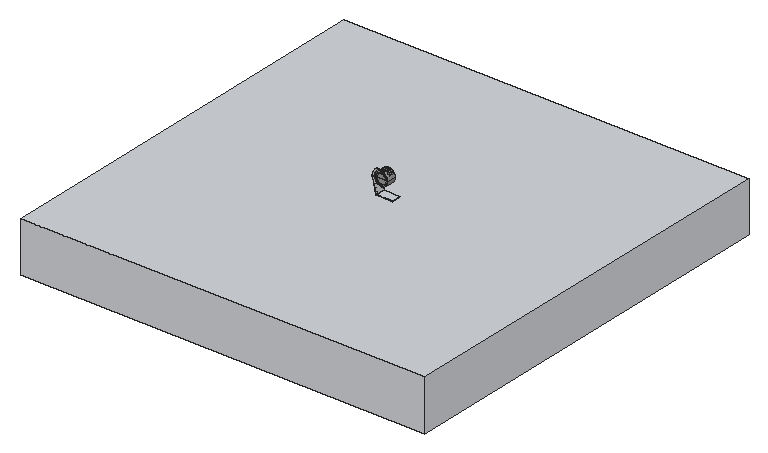
Revit family "LAMP_MICROSHOT", category Modelos genéricos, Revit 2015
Parameters (values of type "369LM 3000 MEDIUM FLOOD")
  Weight = 0.70 kg
  Type = "HI POWER CREE"
  Tilting [instance] = 0.00°
  Protection rating = "IP65 / IK06"
  Product datasheet = "http://www.lamp.es/product-files/TECH/7541073-EN.pdf"
  Product code = "7541073"
  Product URL = "http://www.lamp.es/en/family/shot_33486"
  Power Supply = "700mA DC"
  Power = 6.4 W
  Plum = 8.8 W
  Photometric web file = Cabeza Microshot : 369LM 3000 MEDIUM FLOOD
  Modelo = Product code  # "7541073"
  Model explanation = "Availability of tilting between -30º and 90º when placed in a project."
  Manufacturer name = "LAMP"
  Manufacturer country = "Spain"
  Manufacturer URL = "http://www.lamp.es/en"
  MacAdam = "4"
  Luminaire type = "Outdoor - Spotlight"
  Last update = "26/07/2018"
  Lamp = "HIGH POWER LED"
  LED Lifetime = "50.000 L90 B10"
  Insulation class = "III"
  Installation instructions = "http://www.lamp.es/product-files/INS/1003120-C-INSTR.%20MICRO%20SHOT.pdf"
  Initial intensity = 369 lm
  Initial color = 3000 K
  IEE = "A++"
  Height = 296 mm
  Gear = "Electronic"
  Finish = "Texturised grey"
  Fabricante = Manufacturer name  # "LAMP"
  Default Elevation = 1219.2 mm
  Efficacy = 41.95 lm/W
  Diameter = 94 mm
  Descripción = "MICRO SHOT LED 600 WW MFL GR."
  Comentarios de tipo = Model explanation  # "Availability of tilting between -30º and 90º when placed in a project."
  CRI = "80"
  Angulo inclinacion [instance] = if(Tilting > 90.00°, 0.00°, if(Tilting < -30.00°, 120.00°, -Tilting + 90.00°))  # 90.00°
Types (4, lengths in mm): name | Product datasheet | Product code | Photometric web file | Modelo | Initial intensity | Initial color | Efficacy | Descripción | CRI
  369LM 3000 MEDIUM FLOOD | "http://www.lamp.es/product-files/TECH/7541073-EN.pdf" | "7541073" | Cabeza Microshot : 369LM 3000 MEDIUM FLOOD | "7541073" | 369 lm | 3000 K | 41.95 lm/W | "MICRO SHOT LED 600 WW MFL GR." | "80"
  414LM 3000 SPOT | "http://www.lamp.es/product-files/TECH/7541053-EN.pdf" | "7541053" | Cabeza Microshot : 414LM 3000 SPOT | "7541053" | 414 lm | 3000 K | 47.05 lm/W | "MICRO SHOT LED 600 WW SP GR." | "80"
  421LM 4000 MEDIUM FLOOD | "http://www.lamp.es/product-files/TECH/7541063-EN.pdf" | "7541063" | Cabeza Microshot : 421LM 4000 MEDIUM FLOOD | "7541063" | 421 lm | 4000 K | 47.8 lm/W | "MICRO SHOT LED 600 NW MFL GR." | "75"
  472LM 4000 SPOT | "http://www.lamp.es/product-files/TECH/7541043-EN.pdf" | "7541043" | Cabeza Microshot : 472LM 4000 SPOT | "7541043" | 472 lm | 4000 K | 53.64 lm/W | "MICRO SHOT LED 600 NW SP GR." | "75"
Reference planes
  plane 1 "Centro (Frontal/Posterior)": y = 0
  plane 2: z = 0
  plane 3 "Centro (Izquierda/Derecha)": x = 0
  plane 4: z = 118.097
Forms (mm)
  Extrusion 1, solid
    sketch origin (0, 0, 0) x (1, 0, 0) y (0, 1, 0)
      loop
        line (-1219.2, 1219.2) -> (-1219.2, -1219.2) -> (1219.2, -1219.2) -> (1219.2, 1219.2) -> (-1219.2, 1219.2)
    from 0 to -304.8
  Extrusion 2, solid
    sketch origin (0, 0, 0) x (1, 0, 0) y (0, 0, 1)
      loop
        line (-48.3, 0) -> (48.3, 0) -> (48.3, 3) -> (-48.8, 3)
        arc (-48.8, 3) -> (-49.507, 3.293) -> (-49.8, 4) r 1
        line (-49.8, 4) -> (-49.8, 143.4) -> (-52.8, 143.4) -> (-52.8, 4.5)
        arc (-52.8, 4.5) -> (-51.482, 1.318) -> (-48.3, 0) r 4.5
    from -64.154 to 55.846
  Extrusion 3, void
    sketch origin (0, 6.238, 0) x (0, 1, 0) y (0, 0, 1)
      loop
        line (50, 5) -> (50, 0) -> (57.916, 0) -> (57.916, 5) -> (57.916, 143.4) -> (12.916, 143.4) -> (-38.848, 143.4) -> (-62.084, 143.4) -> (-62.084, 5) -> (-62.084, 0) -> (-1.764, 0) -> (-1.764, 5) -> (-30.338, 111.64)
        arc (-30.338, 111.64) -> (-12.66, 142.259) -> (17.958, 124.581) r 25
        line (17.958, 124.581) -> (50, 5)
    from -52.8 to 48.8
  Extrusion 4, void
    sketch origin (0, 6.238, 0) x (0, 1, 0) y (0, 0, 1)
      loop
        circle (-6.238, 118.097) r 12.3
      loop
        arc (11.176, 115.919) -> (-0.6, 134.717) -> (-21.383, 126.965) r 17.55
        arc (-21.383, 126.965) -> (-20.712, 124.399) -> (-18.147, 125.07) r 1.875
        arc (-18.147, 125.07) -> (-1.583, 131.088) -> (7.389, 115.919) r 13.8
        arc (7.389, 115.919) -> (9.283, 114.026) -> (11.176, 115.919) r 1.894
    from -52.8 to -49.8
  Extrusion 5, solid
    sketch origin (0, 0, 0) x (0, 1, 0) y (0, 0, 1)
      loop
        line (47.921, 8.423) -> (47.921, 22.496)
        arc (47.921, 22.496) -> (47.097, 23.32) -> (46.272, 22.496) r 0.824
        line (46.272, 22.496) -> (46.272, 10.038)
        arc (46.272, 10.038) -> (46.058, 9.52) -> (45.54, 9.305) r 0.733
        line (45.54, 9.305) -> (43.815, 9.305)
        arc (43.815, 9.305) -> (43.369, 9.448) -> (43.088, 9.824) r 0.768
        line (43.088, 9.824) -> (38.839, 22.179)
        arc (38.839, 22.179) -> (37.363, 23.233) -> (35.887, 22.179) r 1.561
        line (35.887, 22.179) -> (31.68, 9.946)
        arc (31.68, 9.946) -> (30.629, 9.321) -> (29.839, 10.254) r 0.946
        line (29.839, 10.254) -> (29.839, 21.715)
        arc (29.839, 21.715) -> (28.643, 23.377) -> (26.687, 22.771) r 1.753
        line (26.687, 22.771) -> (24.056, 20.14) -> (21.426, 22.771)
        arc (21.426, 22.771) -> (19.469, 23.377) -> (18.273, 21.715) r 1.753
        line (18.273, 21.715) -> (18.273, 10.067)
        arc (18.273, 10.067) -> (18.05, 9.528) -> (17.511, 9.305) r 0.762
        line (17.511, 9.305) -> (15.816, 9.305)
        arc (15.816, 9.305) -> (15.274, 9.53) -> (15.049, 10.071) r 0.766
        line (15.049, 10.071) -> (15.049, 22.467)
        arc (15.049, 22.467) -> (14.825, 23.008) -> (14.283, 23.233) r 0.766
        line (14.283, 23.233) -> (7.581, 23.233)
        arc (7.581, 23.233) -> (7.032, 23.005) -> (6.805, 22.457) r 0.776
        line (6.805, 22.457) -> (6.805, 16.552)
        arc (6.805, 16.552) -> (7.022, 16.029) -> (7.544, 15.813) r 0.739
        line (7.544, 15.813) -> (12.383, 15.813)
        arc (12.383, 15.813) -> (13.207, 16.637) -> (12.383, 17.462) r 0.824
        line (12.383, 17.462) -> (9.212, 17.462)
        arc (9.212, 17.462) -> (8.676, 17.684) -> (8.454, 18.219) r 0.758
        line (8.454, 18.219) -> (8.454, 20.821)
        arc (8.454, 20.821) -> (8.677, 21.36) -> (9.216, 21.584) r 0.762
        line (9.216, 21.584) -> (12.66, 21.584)
        arc (12.66, 21.584) -> (13.184, 21.367) -> (13.4, 20.843) r 0.74
        line (13.4, 20.843) -> (13.4, 8.444)
        arc (13.4, 8.444) -> (13.625, 7.902) -> (14.166, 7.678) r 0.766
        line (14.166, 7.678) -> (19.243, 7.678)
        arc (19.243, 7.678) -> (19.744, 7.885) -> (19.951, 8.385) r 0.708
        line (19.951, 8.385) -> (19.951, 21.479) -> (24.056, 17.373) -> (28.162, 21.479) -> (28.162, 8.511)
        arc (28.162, 8.511) -> (28.375, 7.995) -> (28.89, 7.782) r 0.729
        line (28.89, 7.782) -> (32.16, 7.782)
        arc (32.16, 7.782) -> (32.582, 7.917) -> (32.848, 8.273) r 0.727
        line (32.848, 8.273) -> (37.363, 21.396) -> (41.903, 8.2)
        arc (41.903, 8.2) -> (42.186, 7.822) -> (42.636, 7.678) r 0.775
        line (42.636, 7.678) -> (47.176, 7.678)
        arc (47.176, 7.678) -> (47.703, 7.896) -> (47.921, 8.423) r 0.745
    from -53.8 to -52.8
Cuts and joins
  Extrusion 3, Extrusion 4 cuts Extrusion 2
Lines and regions (mm)
  reference lines
    curve 1: line (0, 0, 118.097) -> (0, 100, 118.097)
    curve 2: line (0, 12.3, 118.097) -> (0, -12.3, 118.097)
Text (mm)
  text "Any modification of the parameters and properties of the LAMP BIM models must be executed and validated by the LAMP technical department.\n\nPhone: +34 93 736 68 00\n\nE-mail: lamp@lamp.es\n\n\n\nLAMP reserves the right to modify the technical specifications of its products." at (13118.71, 21931.141, -7023.284), in view "Preview"
Dimensions and locks
  "Angulo inclinacion": angle curve 1 to plane 1 "Centro (Frontal/Posterior)"
  aligned and locked: plane 2 to Extrusion 1
  aligned and locked: level to Extrusion 1
  aligned and locked: plane 1 "Centro (Frontal/Posterior)" to curve 1
  aligned and locked: plane 4 to curve 1
Automatic sketch dimensions
  Extrusion 1 sketch curve to Extrusion 1 sketch curve = 2438.4 mm  (x2)
  Extrusion 2 sketch curve to level = 0 mm
  Extrusion 2 sketch curve to plane 4 = 25.303 mm
  Extrusion 2 sketch curve to plane 3 "Centro (Izquierda/Derecha)" = 52.8 mm
  Extrusion 2 sketch curve to Extrusion 2 sketch curve = 3 mm
  Extrusion 2 sketch curve to Extrusion 2 sketch curve = 1 mm
  Extrusion 2 sketch curve to Extrusion 2 sketch curve = 0.5 mm
  plane 3 "Centro (Izquierda/Derecha)" to Extrusion 2 sketch curve = 48.3 mm
  level to Extrusion 2 sketch curve = 3 mm
  Extrusion 3 sketch curve to level = 0 mm  (x2)
  level to Extrusion 3 sketch curve = 5 mm  (x4)
  plane 1 "Centro (Frontal/Posterior)" to Extrusion 3 sketch curve = 55.846 mm
  Extrusion 3 sketch curve to Extrusion 3 sketch curve = 23.236 mm
  plane 4 to Extrusion 3 sketch curve = 6.458 mm
  plane 1 "Centro (Frontal/Posterior)" to Extrusion 3 sketch curve = 24.1 mm
  Extrusion 3 sketch curve to plane 4 = 0.013 mm
  Extrusion 3 sketch curve to plane 1 "Centro (Frontal/Posterior)" = 0.048 mm
  Extrusion 3 sketch curve to plane 1 "Centro (Frontal/Posterior)" = 4.474 mm
  Extrusion 3 sketch curve to plane 1 "Centro (Frontal/Posterior)" = 19.154 mm
  Extrusion 3 sketch curve to plane 4 = 6.483 mm
  Extrusion 3 sketch curve to Extrusion 3 sketch curve = 51.764 mm
  Extrusion 3 sketch curve to Extrusion 3 sketch curve = 7.916 mm
  Extrusion 3 sketch curve to plane 4 = 25.303 mm
  Extrusion 4 sketch curve to Extrusion 4 sketch curve = 0 mm  (x7)
  Extrusion 4 sketch curve to plane 1 "Centro (Frontal/Posterior)" = 0 mm
  plane 4 to Extrusion 4 sketch curve = 0 mm
  plane 1 "Centro (Frontal/Posterior)" to Extrusion 4 sketch curve = 13.527 mm
  plane 4 to Extrusion 4 sketch curve = 2.178 mm
  Extrusion 4 sketch curve to plane 1 "Centro (Frontal/Posterior)" = 15.521 mm
  Extrusion 4 sketch curve to plane 4 = 7.92 mm
  Extrusion 4 sketch curve to Extrusion 4 sketch curve = 1.618 mm
  Extrusion 5 sketch curve to plane 1 "Centro (Frontal/Posterior)" = 6.805 mm
  Extrusion 5 sketch curve to Extrusion 5 sketch curve = 0.739 mm
  Extrusion 5 sketch curve to Extrusion 5 sketch curve = 0.776 mm
  Extrusion 5 sketch curve to Extrusion 5 sketch curve = 0.91 mm
  Extrusion 5 sketch curve to Extrusion 5 sketch curve = 0.758 mm
  Extrusion 5 sketch curve to Extrusion 5 sketch curve = 0.762 mm  (x2)
  Extrusion 5 sketch curve to Extrusion 5 sketch curve = 3.171 mm
  Extrusion 5 sketch curve to Extrusion 5 sketch curve = 3.444 mm
  Extrusion 5 sketch curve to Extrusion 5 sketch curve = 1.018 mm
  Extrusion 5 sketch curve to Extrusion 5 sketch curve = 0.766 mm  (x3)
  Extrusion 5 sketch curve to Extrusion 5 sketch curve = 1.623 mm
  Extrusion 5 sketch curve to Extrusion 5 sketch curve = 1.696 mm
  Extrusion 5 sketch curve to Extrusion 5 sketch curve = 1.732 mm
  Extrusion 5 sketch curve to Extrusion 5 sketch curve = 1.677 mm  (x2)
  Extrusion 5 sketch curve to Extrusion 5 sketch curve = 0.076 mm  (x2)
  Extrusion 5 sketch curve to Extrusion 5 sketch curve = 1.399 mm  (x2)
  Extrusion 5 sketch curve to Extrusion 5 sketch curve = 4.105 mm
  Extrusion 5 sketch curve to Extrusion 5 sketch curve = 0 mm  (x2)
  Extrusion 5 sketch curve to Extrusion 5 sketch curve = 2.631 mm
  Extrusion 5 sketch curve to Extrusion 5 sketch curve = 0.729 mm
  Extrusion 5 sketch curve to Extrusion 5 sketch curve = 0.946 mm
  level to Extrusion 5 sketch curve = 9.946 mm
  Extrusion 5 sketch curve to Extrusion 5 sketch curve = 0.895 mm
  Extrusion 5 sketch curve to Extrusion 5 sketch curve = 0.48 mm
  level to Extrusion 5 sketch curve = 8.273 mm
  Extrusion 5 sketch curve to Extrusion 5 sketch curve = 0.688 mm
  Extrusion 5 sketch curve to Extrusion 5 sketch curve = 6.048 mm
  Extrusion 5 sketch curve to Extrusion 5 sketch curve = 1.476 mm  (x2)
  level to Extrusion 5 sketch curve = 22.179 mm
  level to Extrusion 5 sketch curve = 8.2 mm
  Extrusion 5 sketch curve to Extrusion 5 sketch curve = 9.055 mm
  Extrusion 5 sketch curve to Extrusion 5 sketch curve = 0.733 mm
  level to Extrusion 5 sketch curve = 9.824 mm
  Extrusion 5 sketch curve to Extrusion 5 sketch curve = 0.453 mm
  Extrusion 5 sketch curve to Extrusion 5 sketch curve = 0.727 mm
  Extrusion 5 sketch curve to Extrusion 5 sketch curve = 1.725 mm
  Extrusion 5 sketch curve to Extrusion 5 sketch curve = 7.433 mm
  Extrusion 5 sketch curve to Extrusion 5 sketch curve = 0.824 mm  (x2)
  Extrusion 5 sketch curve to Extrusion 5 sketch curve = 0.745 mm
  Extrusion 5 sketch curve to Extrusion 5 sketch curve = 0.491 mm
  Extrusion 5 sketch curve to Extrusion 5 sketch curve = 2.146 mm
  level to Extrusion 5 sketch curve = 7.678 mm
  Extrusion 5 sketch curve to Extrusion 5 sketch curve = 0.92 mm
  Extrusion 5 sketch curve to Extrusion 5 sketch curve = 0.882 mm
  Extrusion 5 sketch curve to Extrusion 5 sketch curve = 5.741 mm
  Extrusion 5 sketch curve to Extrusion 5 sketch curve = 7.12 mm
  Extrusion 5 sketch curve to Extrusion 5 sketch curve = 2.767 mm
  Extrusion 5 sketch curve to Extrusion 5 sketch curve = 2.602 mm
  Extrusion 5 sketch curve to Extrusion 5 sketch curve = 0.783 mm
  Extrusion 5 sketch curve to Extrusion 5 sketch curve = 1.338 mm
  Extrusion 5 sketch curve to Extrusion 5 sketch curve = 0.276 mm
  Extrusion 5 sketch curve to Extrusion 5 sketch curve = 0.236 mm
  Extrusion 5 sketch curve to Extrusion 5 sketch curve = 1.635 mm
  Extrusion 5 sketch curve to Extrusion 5 sketch curve = 0.317 mm
  plane 4 to curve 2 = 0 mm
  plane 1 "Centro (Frontal/Posterior)" to curve 2 = 12.3 mm
  curve 1 to curve 2 = 12.3 mm
  radius of Extrusion 4 sketch curve = 12.3 mm
Nested families
  nested 1: "Cabeza Microshot" at (3.2, -1544.868, 118.047) x (1, 0, 0) z (0, 1, 0), type <- "Photometric web file", type "369LM 3000 MEDIUM FLOOD"
Connectors
  electrical at (3.2, 23.132, 118.047)
    settings: on nested 1, index 1, voltage 230 V, apparent load 0 VA, apparent load phase1 0 VA, apparent load phase2 0 VA, apparent load phase3 0 VA, power factor 1, load classification "Otro", number of poles 1, system type 31, power factor state 1, is connector primary yes, connector utility no, sub classification motor no, connector description ""
Definition of nested family "Cabeza Microshot"
  Parameters (values of type "369LM 3000 MEDIUM FLOOD")
    Tilt Angle = 90.00°
    Wattage = 8.8 W
    built-in parameter 1150110 = 1 (stored number, unit not read)
    Material cristal serigrafiado = none
    Material cristal = none
    Material cabeza = none
    built-in parameter 1114217 = 1 (stored number, unit not read)
    built-in parameter 1150109 = 1 (stored number, unit not read)
    Default Elevation = 1219.2 mm
    Dist. Luz = 20 mm
    built-in parameter 1150134 = (empty or 0)
    built-in parameter 1150113 = 1 (stored number, unit not read)
    Lumens = 369.16 lm
    built-in parameter 1150115 = 1 (stored number, unit not read)
    built-in parameter 1150105 = 1175.1 (stored number, unit not read)
    built-in parameter 1150137 = (empty or 0)
    built-in parameter 1150139 = (empty or 0)
    built-in parameter 1150112 = 1 (stored number, unit not read)
    built-in parameter 1150114 = 1 (stored number, unit not read)
    built-in parameter 1150132 = 2
    built-in parameter 1150102 = (empty or 0)
    built-in parameter 1150138 = (empty or 0)
    built-in parameter 1150107 = 3000 (stored number, unit not read)
    built-in parameter 1150106 = 11.751 (stored number, unit not read)
    built-in parameter 1150104 = 3.8973 (stored number, unit not read)
    Dimming Lamp Color Temperature Shift = (empty or 0)
    Color Filter = 16777215
    built-in parameter 1114218 = 1 (stored number, unit not read)
    Photometric Web File = "7541033.IES"
    built-in parameter 1150133 = 10 (stored number, unit not read)
  Types (5, lengths in mm): name | built-in parameter 1150134 | Lumens | built-in parameter 1150105 | built-in parameter 1150107 | built-in parameter 1150106 | built-in parameter 1150104 | Photometric Web File
    (no name) | (empty or 0) | 369.16 lm | 1175.1 (stored number, unit not read) | 3000 (stored number, unit not read) | 11.751 (stored number, unit not read) | 3.8973 (stored number, unit not read) | "7541033.IES"
    369LM 3000 MEDIUM FLOOD | (empty or 0) | 369.16 lm | 1175.1 (stored number, unit not read) | 3000 (stored number, unit not read) | 11.751 (stored number, unit not read) | 3.8973 (stored number, unit not read) | "7541033.IES"
    414LM 3000 SPOT | (empty or 0) | 414.04 lm | 1318 (stored number, unit not read) | 3000 (stored number, unit not read) | 13.18 (stored number, unit not read) | 4.3711 (stored number, unit not read) | "7541013.IES"
    421LM 4000 MEDIUM FLOOD | 12 | 420.64 lm | 4096.8 (stored number, unit not read) | 4000 (stored number, unit not read) | 40.968 (stored number, unit not read) | 4.4408 (stored number, unit not read) | "7541023.IES"
    472LM 4000 SPOT | 12 | 472.032 lm | 1502.5 (stored number, unit not read) | 4000 (stored number, unit not read) | 15.025 (stored number, unit not read) | 4.9833 (stored number, unit not read) | "7541003.IES"
  Reference planes
    plane 1 "Eje de origen de luz (F/P)": y = 0
    plane 2: z = 0
    plane 3 "Eje de origen de luz (I/D)": x = 0
    plane 4 "Elevación de origen de luz": z = 1500
    plane 5: z = 1520
  Forms (mm)
    Revolve 1, solid, material <- "Material cabeza"
      sketch origin (0, 0, 0) x (1, 0, 0) y (0, 0, 1)
        loop
          line (-40, 1520) -> (-38, 1520) -> (-38, 1525) -> (0, 1525) -> (0, 1570) -> (-40, 1570) -> (-40, 1520)
        axis (0, 1520) -> (0, 1570)
      angle from 0 to 360
    Extrusion 2, void
      sketch origin (-487.683, -5000, 1520) x (0, -1, 0) y (-1, 0, 0)
        loop
          line (-4980.817, -452.583) -> (-5019.183, -452.583) -> (-5025.264, -452.583) -> (-5025.264, -455.883) -> (-5024.264, -455.883) -> (-4975.736, -455.883) -> (-4974.736, -455.883) -> (-4974.736, -452.583) -> (-4980.817, -452.583)
        loop
          line (-4971.731, -459.383) -> (-5028.269, -459.383) -> (-5032.225, -459.383) -> (-5032.225, -462.683) -> (-5031.225, -462.683) -> (-4968.775, -462.683) -> (-4967.775, -462.683) -> (-4967.775, -459.383) -> (-4971.731, -459.383)
        loop
          line (-4966.398, -465.983) -> (-5033.602, -465.983) -> (-5036.5, -465.983) -> (-5036.5, -469.283) -> (-4964.483, -469.283) -> (-4963.483, -469.283) -> (-4963.483, -465.983) -> (-4966.398, -465.983)
        loop
          circle (-5000, -487.683) r 9.5
        loop
          line (-4960.8, -472.583) -> (-5037.04, -472.583) -> (-5039.2, -472.583) -> (-5039.2, -475.883) -> (-4960.8, -475.883) -> (-4960.8, -472.583)
        loop
          line (-4980.817, -522.783) -> (-4974.736, -522.783) -> (-4974.736, -519.483) -> (-4975.736, -519.483) -> (-5024.264, -519.483) -> (-5025.264, -519.483) -> (-5025.264, -522.783) -> (-5019.183, -522.783) -> (-4980.817, -522.783)
        loop
          line (-4971.731, -515.983) -> (-4967.775, -515.983) -> (-4967.775, -512.683) -> (-4968.775, -512.683) -> (-5031.225, -512.683) -> (-5032.225, -512.683) -> (-5032.225, -515.983) -> (-5028.269, -515.983) -> (-4971.731, -515.983)
        loop
          line (-4966.398, -509.383) -> (-4963.483, -509.383) -> (-4963.483, -506.083) -> (-4964.483, -506.083) -> (-5036.5, -506.083) -> (-5036.5, -509.383) -> (-5033.602, -509.383) -> (-4966.398, -509.383)
        loop
          line (-4960.8, -502.783) -> (-4960.8, -499.483) -> (-5039.2, -499.483) -> (-5039.2, -502.783) -> (-5037.04, -502.783) -> (-4960.8, -502.783)
        loop
          line (-5039.086, -479.183) -> (-5040.637, -479.183) -> (-5040.637, -482.483) -> (-5010.537, -482.483)
          arc (-5010.537, -482.483) -> (-5009.469, -480.726) -> (-5008.112, -479.183) r 11.75
          line (-5008.112, -479.183) -> (-5039.086, -479.183)
        loop
          line (-5039.086, -496.183) -> (-5008.112, -496.183)
          arc (-5008.112, -496.183) -> (-5009.469, -494.639) -> (-5010.537, -492.883) r 11.75
          line (-5010.537, -492.883) -> (-5040.637, -492.883) -> (-5040.637, -496.183) -> (-5039.086, -496.183)
        loop
          line (-4960.914, -479.183) -> (-4991.888, -479.183)
          arc (-4991.888, -479.183) -> (-4990.531, -480.726) -> (-4989.463, -482.483) r 11.75
          line (-4989.463, -482.483) -> (-4959.363, -482.483) -> (-4959.363, -479.183) -> (-4960.914, -479.183)
        loop
          line (-4960.914, -496.183) -> (-4959.363, -496.183) -> (-4959.363, -492.883) -> (-4989.463, -492.883)
          arc (-4989.463, -492.883) -> (-4990.531, -494.639) -> (-4991.888, -496.183) r 11.75
          line (-4991.888, -496.183) -> (-4960.914, -496.183)
        loop
          line (-5040.637, -485.783) -> (-5040.637, -489.083) -> (-5011.666, -489.083)
          arc (-5011.666, -489.083) -> (-5011.747, -487.43) -> (-5011.595, -485.783) r 11.75
          line (-5011.595, -485.783) -> (-5040.637, -485.783)
        loop
          line (-4959.363, -485.783) -> (-4988.405, -485.783)
          arc (-4988.405, -485.783) -> (-4988.253, -487.43) -> (-4988.334, -489.083) r 11.75
          line (-4988.334, -489.083) -> (-4959.363, -489.083) -> (-4959.363, -485.783)
      from -50 to -48
    Extrusion 3, void
      sketch origin (-487.683, -5000, 1520) x (0, -1, 0) y (-1, 0, 0)
        loop
          line (-5024.264, -455.883) -> (-5020.803, -455.883)
          arc (-5020.803, -455.883) -> (-5017.758, -454.087) -> (-5014.56, -452.583) r 38
          line (-5014.56, -452.583) -> (-5019.183, -452.583)
          arc (-5019.183, -452.583) -> (-5021.786, -454.136) -> (-5024.264, -455.883) r 40
        loop
          line (-5031.253, -462.683) -> (-5028.618, -462.683)
          arc (-5028.618, -462.683) -> (-5027.039, -460.983) -> (-5025.36, -459.383) r 38
          line (-5025.36, -459.383) -> (-5028.3, -459.383)
          arc (-5028.3, -459.383) -> (-5029.822, -460.992) -> (-5031.253, -462.683) r 40.022
        loop
          arc (-5033.602, -465.983) -> (-5034.599, -467.61) -> (-5035.517, -469.283) r 40
          line (-5035.517, -469.283) -> (-5033.248, -469.283)
          arc (-5033.248, -469.283) -> (-5032.264, -467.607) -> (-5031.195, -465.983) r 38
          line (-5031.195, -465.983) -> (-5033.602, -465.983)
        loop
          arc (-5037.04, -472.583) -> (-5037.666, -474.22) -> (-5038.22, -475.883) r 40
          line (-5038.22, -475.883) -> (-5036.121, -475.883)
          arc (-5036.121, -475.883) -> (-5035.535, -474.218) -> (-5034.871, -472.583) r 38
          line (-5034.871, -472.583) -> (-5037.04, -472.583)
        loop
          arc (-5039.086, -479.183) -> (-5039.408, -480.827) -> (-5039.661, -482.483) r 40
          line (-5039.661, -482.483) -> (-5037.643, -482.483)
          arc (-5037.643, -482.483) -> (-5037.376, -480.826) -> (-5037.037, -479.183) r 38
          line (-5037.037, -479.183) -> (-5039.086, -479.183)
        loop
          arc (-5039.955, -485.783) -> (-5039.999, -487.433) -> (-5039.975, -489.083) r 40
          line (-5039.975, -489.083) -> (-5037.974, -489.083)
          arc (-5037.974, -489.083) -> (-5037.999, -487.433) -> (-5037.952, -485.783) r 38
          line (-5037.952, -485.783) -> (-5039.955, -485.783)
        loop
          arc (-5024.264, -519.483) -> (-5021.786, -521.229) -> (-5019.183, -522.783) r 40
          line (-5019.183, -522.783) -> (-5014.56, -522.783)
          arc (-5014.56, -522.783) -> (-5017.758, -521.278) -> (-5020.803, -519.483) r 38
          line (-5020.803, -519.483) -> (-5024.264, -519.483)
        loop
          arc (-5031.253, -512.683) -> (-5029.822, -514.374) -> (-5028.3, -515.983) r 40.022
          line (-5028.3, -515.983) -> (-5025.36, -515.983)
          arc (-5025.36, -515.983) -> (-5027.039, -514.383) -> (-5028.618, -512.683) r 38
          line (-5028.618, -512.683) -> (-5031.253, -512.683)
        loop
          line (-5033.602, -509.383) -> (-5031.195, -509.383)
          arc (-5031.195, -509.383) -> (-5032.264, -507.759) -> (-5033.248, -506.083) r 38
          line (-5033.248, -506.083) -> (-5035.517, -506.083)
          arc (-5035.517, -506.083) -> (-5034.599, -507.756) -> (-5033.602, -509.383) r 40
        loop
          line (-5037.04, -502.783) -> (-5034.871, -502.783)
          arc (-5034.871, -502.783) -> (-5035.535, -501.147) -> (-5036.121, -499.483) r 38
          line (-5036.121, -499.483) -> (-5038.22, -499.483)
          arc (-5038.22, -499.483) -> (-5037.666, -501.146) -> (-5037.04, -502.783) r 40
        loop
          line (-5039.086, -496.183) -> (-5037.037, -496.183)
          arc (-5037.037, -496.183) -> (-5037.376, -494.539) -> (-5037.643, -492.883) r 38
          line (-5037.643, -492.883) -> (-5039.661, -492.883)
          arc (-5039.661, -492.883) -> (-5039.408, -494.539) -> (-5039.086, -496.183) r 40
        loop
          arc (-4975.736, -455.883) -> (-4978.214, -454.136) -> (-4980.817, -452.583) r 40
          line (-4980.817, -452.583) -> (-4985.44, -452.583)
          arc (-4985.44, -452.583) -> (-4982.242, -454.087) -> (-4979.197, -455.883) r 38
          line (-4979.197, -455.883) -> (-4975.736, -455.883)
        loop
          arc (-4968.747, -462.683) -> (-4970.178, -460.992) -> (-4971.7, -459.383) r 40.022
          line (-4971.7, -459.383) -> (-4974.64, -459.383)
          arc (-4974.64, -459.383) -> (-4972.961, -460.983) -> (-4971.382, -462.683) r 38
          line (-4971.382, -462.683) -> (-4968.747, -462.683)
        loop
          line (-4966.398, -465.983) -> (-4968.805, -465.983)
          arc (-4968.805, -465.983) -> (-4967.736, -467.607) -> (-4966.752, -469.283) r 38
          line (-4966.752, -469.283) -> (-4964.483, -469.283)
          arc (-4964.483, -469.283) -> (-4965.401, -467.61) -> (-4966.398, -465.983) r 40
        loop
          line (-4962.96, -472.583) -> (-4965.129, -472.583)
          arc (-4965.129, -472.583) -> (-4964.465, -474.218) -> (-4963.879, -475.883) r 38
          line (-4963.879, -475.883) -> (-4961.78, -475.883)
          arc (-4961.78, -475.883) -> (-4962.334, -474.22) -> (-4962.96, -472.583) r 40
        loop
          line (-4960.914, -479.183) -> (-4962.963, -479.183)
          arc (-4962.963, -479.183) -> (-4962.624, -480.826) -> (-4962.357, -482.483) r 38
          line (-4962.357, -482.483) -> (-4960.339, -482.483)
          arc (-4960.339, -482.483) -> (-4960.592, -480.827) -> (-4960.914, -479.183) r 40
        loop
          line (-4960.045, -485.783) -> (-4962.048, -485.783)
          arc (-4962.048, -485.783) -> (-4962.001, -487.433) -> (-4962.026, -489.083) r 38
          line (-4962.026, -489.083) -> (-4960.025, -489.083)
          arc (-4960.025, -489.083) -> (-4960.001, -487.433) -> (-4960.045, -485.783) r 40
        loop
          line (-4975.736, -519.483) -> (-4979.197, -519.483)
          arc (-4979.197, -519.483) -> (-4982.242, -521.278) -> (-4985.44, -522.783) r 38
          line (-4985.44, -522.783) -> (-4980.817, -522.783)
          arc (-4980.817, -522.783) -> (-4978.214, -521.229) -> (-4975.736, -519.483) r 40
        loop
          line (-4968.747, -512.683) -> (-4971.382, -512.683)
          arc (-4971.382, -512.683) -> (-4972.961, -514.383) -> (-4974.64, -515.983) r 38
          line (-4974.64, -515.983) -> (-4971.7, -515.983)
          arc (-4971.7, -515.983) -> (-4970.178, -514.374) -> (-4968.747, -512.683) r 40.022
        loop
          arc (-4966.398, -509.383) -> (-4965.401, -507.756) -> (-4964.483, -506.083) r 40
          line (-4964.483, -506.083) -> (-4966.752, -506.083)
          arc (-4966.752, -506.083) -> (-4967.736, -507.759) -> (-4968.805, -509.383) r 38
          line (-4968.805, -509.383) -> (-4966.398, -509.383)
        loop
          arc (-4962.96, -502.783) -> (-4962.334, -501.146) -> (-4961.78, -499.483) r 40
          line (-4961.78, -499.483) -> (-4963.879, -499.483)
          arc (-4963.879, -499.483) -> (-4964.465, -501.147) -> (-4965.129, -502.783) r 38
          line (-4965.129, -502.783) -> (-4962.96, -502.783)
        loop
          arc (-4960.914, -496.183) -> (-4960.592, -494.539) -> (-4960.339, -492.883) r 40
          line (-4960.339, -492.883) -> (-4962.357, -492.883)
          arc (-4962.357, -492.883) -> (-4962.624, -494.539) -> (-4962.963, -496.183) r 38
          line (-4962.963, -496.183) -> (-4960.914, -496.183)
      from -48 to -12
    Revolve 4, solid, material <- "Material cabeza"
      sketch origin (0, 0, 0) x (1, 0, 0) y (0, 0, 1)
        loop
          line (-36.986, 1545) -> (-36.986, 1563.5) -> (-53, 1563.5) -> (-53, 1545) -> (-36.986, 1545)
        axis (-53, 1545) -> (-36.986, 1545)
      angle from 0 to 360
    Revolve 5, solid, material <- "Material cristal serigrafiado"
      sketch origin (0, 0, 0) x (1, 0, 0) y (0, 0, 1)
        loop
          line (-30, 1520) -> (-30, 1525) -> (-38, 1525) -> (-38, 1520) -> (-30, 1520)
        axis (0, 1520) -> (0, 1525)
      angle from 0 to 360
    Revolve 6, solid, material <- "Material cristal"
      sketch origin (0, 0, 0) x (1, 0, 0) y (0, 0, 1)
        loop
          line (-30, 1525) -> (-30, 1520) -> (0, 1520) -> (0, 1525) -> (-30, 1525)
        axis (0, 1525) -> (0, 1520)
      angle from 0 to 360
  Cuts and joins
    Extrusion 2, Extrusion 3 cuts Revolve 1
    joined: Revolve 1, Revolve 4
  Dimensions and locks
    "Dist. Luz": plane 5 to plane 4 "Elevación de origen de luz"
    aligned and locked: plane 3 "Eje de origen de luz (I/D)" to imposter light
    aligned and locked: plane 1 "Eje de origen de luz (F/P)" to imposter light
    aligned and locked: plane 4 "Elevación de origen de luz" to imposter light
    aligned and locked: level to plane 2
  Automatic sketch dimensions
    Revolve 1 sketch curve to plane 5 = 0 mm
    Revolve 1 sketch curve to plane 3 "Eje de origen de luz (I/D)" = 0 mm
    Revolve 1 sketch curve to plane 3 "Eje de origen de luz (I/D)" = 38 mm
    Revolve 1 sketch curve to Revolve 1 sketch curve = 2 mm
    Revolve 1 sketch curve to Revolve 1 sketch curve = 5 mm
    Revolve 1 sketch curve to Revolve 1 sketch curve = 45 mm
    Extrusion 2 sketch curve to Extrusion 2 sketch curve = 0 mm  (x43)
    plane 1 "Eje de origen de luz (F/P)" to Extrusion 2 sketch curve = 0 mm
    Extrusion 2 sketch curve to plane 3 "Eje de origen de luz (I/D)" = 0 mm
    Extrusion 2 sketch curve to plane 1 "Eje de origen de luz (F/P)" = 8.112 mm  (x2)
    Extrusion 2 sketch curve to Extrusion 2 sketch curve = 2.424 mm  (x4)
    Extrusion 2 sketch curve to Extrusion 2 sketch curve = 1.059 mm  (x2)
    plane 3 "Eje de origen de luz (I/D)" to Extrusion 2 sketch curve = 1.4 mm  (x2)
    Extrusion 2 sketch curve to Extrusion 2 sketch curve = 0.071 mm  (x2)
    Extrusion 2 sketch curve to plane 1 "Eje de origen de luz (F/P)" = 19.183 mm  (x2)
    Extrusion 2 sketch curve to Extrusion 2 sketch curve = 5.081 mm  (x4)
    Extrusion 2 sketch curve to Extrusion 2 sketch curve = 1 mm  (x10)
    Extrusion 2 sketch curve to Extrusion 2 sketch curve = 3.004 mm  (x4)
    Extrusion 2 sketch curve to Extrusion 2 sketch curve = 2.956 mm  (x4)
    Extrusion 2 sketch curve to Extrusion 2 sketch curve = 1.377 mm  (x4)
    Extrusion 2 sketch curve to Extrusion 2 sketch curve = 2.898 mm  (x2)
    Extrusion 2 sketch curve to Extrusion 2 sketch curve = 0.54 mm  (x2)
    Extrusion 2 sketch curve to Extrusion 2 sketch curve = 2.046 mm  (x2)
    Extrusion 2 sketch curve to Extrusion 2 sketch curve = 2.16 mm  (x2)
    Extrusion 2 sketch curve to Extrusion 2 sketch curve = 1.55 mm  (x5)
    plane 1 "Eje de origen de luz (F/P)" to Extrusion 2 sketch curve = 8.112 mm  (x2)
    plane 1 "Eje de origen de luz (F/P)" to Extrusion 2 sketch curve = 19.183 mm  (x2)
    Extrusion 2 sketch curve to Extrusion 2 sketch curve = 1.915 mm  (x2)
    Extrusion 2 sketch curve to Extrusion 2 sketch curve = 2.57 mm  (x2)
    Extrusion 2 sketch curve to Extrusion 2 sketch curve = 0.114 mm
    Extrusion 2 sketch curve to Extrusion 2 sketch curve = 2.683 mm
    Extrusion 2 sketch curve to Extrusion 2 sketch curve = 3.3 mm  (x16)
    Extrusion 2 sketch curve to Extrusion 2 sketch curve = 3.5 mm  (x2)
    Extrusion 2 sketch curve to Extrusion 2 sketch curve = 3.8 mm  (x2)
    Extrusion 3 sketch curve to Extrusion 3 sketch curve = 0 mm  (x1892)
    plane 1 "Eje de origen de luz (F/P)" to Extrusion 3 sketch curve = 0 mm
    Extrusion 3 sketch curve to plane 3 "Eje de origen de luz (I/D)" = 0 mm
    Extrusion 3 sketch curve to plane 1 "Eje de origen de luz (F/P)" = 14.56 mm  (x2)
    Extrusion 3 sketch curve to Extrusion 3 sketch curve = 4.623 mm  (x4)
    Extrusion 3 sketch curve to Extrusion 3 sketch curve = 1.62 mm  (x4)
    Extrusion 3 sketch curve to Extrusion 3 sketch curve = 1.095 mm  (x4)
    Extrusion 3 sketch curve to Extrusion 3 sketch curve = 2.94 mm  (x4)
    Extrusion 3 sketch curve to Extrusion 3 sketch curve = 0.318 mm  (x4)
    Extrusion 3 sketch curve to Extrusion 3 sketch curve = 0.059 mm  (x4)
    Extrusion 3 sketch curve to Extrusion 3 sketch curve = 2.053 mm  (x4)
    Extrusion 3 sketch curve to Extrusion 3 sketch curve = 2.408 mm  (x4)
    Extrusion 3 sketch curve to Extrusion 3 sketch curve = 0.646 mm  (x4)
    Extrusion 3 sketch curve to Extrusion 3 sketch curve = 1.25 mm  (x4)
    Extrusion 3 sketch curve to Extrusion 3 sketch curve = 0.916 mm  (x4)
    Extrusion 3 sketch curve to Extrusion 3 sketch curve = 2.169 mm  (x4)
    Extrusion 3 sketch curve to Extrusion 3 sketch curve = 0.605 mm  (x4)
    Extrusion 3 sketch curve to Extrusion 3 sketch curve = 0.31 mm  (x2)
    plane 3 "Eje de origen de luz (I/D)" to Extrusion 3 sketch curve = 1.4 mm  (x2)
    Extrusion 3 sketch curve to Extrusion 3 sketch curve = 0.022 mm  (x2)
    Extrusion 3 sketch curve to Extrusion 3 sketch curve = 2.049 mm  (x4)
    Extrusion 3 sketch curve to Extrusion 3 sketch curve = 2.002 mm  (x2)
    plane 1 "Eje de origen de luz (F/P)" to Extrusion 3 sketch curve = 14.56 mm  (x2)
    Extrusion 3 sketch curve to Extrusion 3 sketch curve = 3.3 mm  (x14)
    Extrusion 3 sketch curve to Extrusion 3 sketch curve = 3.5 mm  (x4)
    Extrusion 3 sketch curve to Extrusion 3 sketch curve = 3.8 mm  (x2)
    Revolve 4 sketch curve to plane 3 "Eje de origen de luz (I/D)" = 53 mm
    Revolve 4 sketch curve to Revolve 4 sketch curve = 16.014 mm
    plane 5 to Revolve 4 sketch curve = 25 mm
    Revolve 4 sketch curve to Revolve 4 sketch curve = 18.5 mm
    Revolve 4 sketch curve to Revolve 4 sketch curve = 0 mm  (x2)
    Revolve 4 sketch curve to Revolve 4 sketch curve = 3.014 mm
    Revolve 5 sketch curve to plane 5 = 0 mm
    Revolve 5 sketch curve to plane 3 "Eje de origen de luz (I/D)" = 0 mm
    plane 5 to Revolve 5 sketch curve = 5 mm
    Revolve 5 sketch curve to plane 3 "Eje de origen de luz (I/D)" = 30 mm
    Revolve 5 sketch curve to Revolve 5 sketch curve = 8 mm
    plane 4 "Elevación de origen de luz" to Revolve 5 sketch curve = 304.8 mm
    Revolve 5 sketch curve to Revolve 5 sketch curve = 279.8 mm
    Revolve 6 sketch curve to plane 5 = 0 mm
    Revolve 6 sketch curve to plane 3 "Eje de origen de luz (I/D)" = 0 mm
    plane 5 to Revolve 6 sketch curve = 5 mm
    Revolve 6 sketch curve to plane 3 "Eje de origen de luz (I/D)" = 30 mm
    radius of Extrusion 2 sketch curve = 9.5 mm
